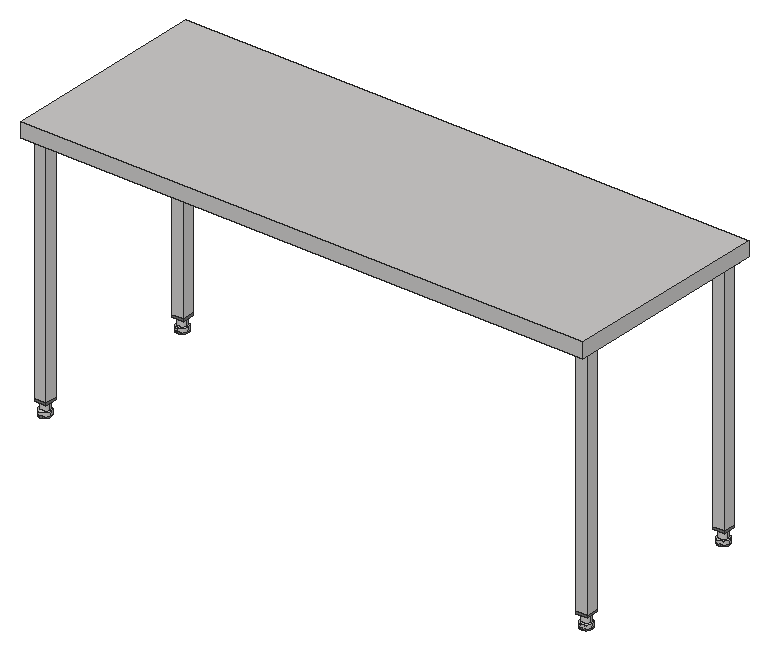
Revit family "QF_ELECTROLUXPROFESSIONAL_133223_TG1900N", category Attrezzature speciali, Revit 2020
Family settings
  Quota connettore circolare = Usa diametro
  Tipo di parte = Normale
  Basato su piano di lavoro = No
  Sempre verticale = Sì
  Taglio con vuoti quando caricato = No
  Condiviso = No
  Punto di calcolo locali = No
Parameters (values of type "Standard")
  Weight = 56.00 kg
  Watts = 0 W
  Volts = 0 V
  URL Manufacturer = "https://www.electroluxprofessional.com/"
  URL = "https://www.electroluxprofessional.com/"
  Steam Supply Size = 0 mm
  Steam Supply Minimum Pressure = 0.0 Pa
  Steam Supply Maximum Pressure = 0.0 Pa
  Steam Consumption per Hour = 0
  Refrigeration Suction Line Size = 0.0 mm
  Refrigeration Liquid Line Size = 0.0 mm
  Refrigerant Compressor Remote = yes
  Prospetto di default = 0.0 mm
  Produttore = "Electrolux Professional"
  Phase = 0
  Modello = "TG1900N"
  Length Actual = 1900.0 mm  # constant formula
  Item Number = "133223"
  Hot Water Size = 0 mm
  Height Actual = 900.0 mm  # constant formula
  HP = "0 HP"
  Gas Size = 0 mm
  Gas KW = 0
  Gas Input Pressure = 0 W
  Direct Waste Size = 0 mm
  Descrizione = "WORK TABLE 1900 MM"
  Depth Actual = 700.0 mm  # constant formula
  Cycle = 0 Hz
  Condensate Return Size = 0 mm
  Compressed Air Volume = 0.0 L/s
  Compressed Air Size = 0 mm
  Compressed Air Pressure = 0.0 Pa
  Cold Water Size = 0 mm
  Accessory = yes
Reference planes
  plane 1 "Center (Front/Back)": y = 0
  plane 2: z = 0
  plane 3 "Center (Left/Right)": x = -450
  plane 4 "LEFT": x = -1400
  plane 5 "RIGHT": x = 500
  plane 6 "BACK": y = 350
  plane 7 "FRONT": y = -350
  plane 8 "Base": z = 850
  plane 9 "TOP": z = 900
  plane 10: x = -1364.5
  plane 11: x = 464.5
  plane 12: y = 290
  plane 13: y = -290
Forms (mm)
  Extrusion 1, solid, material "QF_Finishes_Stainless Steel"
    sketch origin (-450, 0, 0) x (0, 1, 0) y (0, 0, 1)
      loop
        line (-350, 850) -> (350, 850) -> (350, 900) -> (-350, 900) -> (-350, 850)
    from 950 to -950
Lines and regions (mm)
  symbolic lines
    curve 1: line (500, 350, 900) -> (-1400, 350, 900)
    curve 2: line (-1400, 350, 900) -> (-1400, -350, 900)
    curve 3: line (-1400, -350, 900) -> (500, -350, 900)
    curve 4: line (500, -350, 900) -> (500, 350, 900)
Dimensions and locks
  plane 4 "LEFT" to plane 5 "RIGHT" = 1900.0 mm
  equal spacing: plane 4 "LEFT", plane 3 "Center (Left/Right)", plane 5 "RIGHT"
  plane 4 "LEFT" to plane 10 = 35.5 mm
  plane 11 to plane 5 "RIGHT" = 35.5 mm
  plane 10 to plane 11 = 1829.0 mm
  locked: plane 9 "TOP" to level at 900
  plane 6 "BACK" to plane 12 = 60.0 mm
  plane 13 to plane 7 "FRONT" = 60.0 mm
  plane 6 "BACK" to plane 7 "FRONT" = 700.0 mm
  plane 12 to plane 13 = 580.0 mm
  equal spacing: plane 6 "BACK", plane 1 "Center (Front/Back)", plane 7 "FRONT"
  locked: plane 8 "Base" to level at 850
  aligned and locked: level to plane 2
  aligned and locked: plane 10 to nested 1
  aligned and locked: nested 1 to plane 13
  aligned and locked: plane 11 to nested 2
  aligned and locked: nested 2 to plane 13
  aligned and locked: plane 11 to nested 4
  aligned and locked: nested 4 to plane 12
  aligned and locked: plane 10 to nested 3
  aligned and locked: nested 3 to plane 12
  aligned and locked: Extrusion 1 to plane 4 "LEFT"
  aligned and locked: plane 5 "RIGHT" to Extrusion 1
  aligned and locked: curve 2 to plane 4 "LEFT"
Automatic sketch dimensions
  Extrusion 1 sketch curve to plane 7 "FRONT" = 0.0 mm
  Extrusion 1 sketch curve to plane 8 "Base" = 0.0 mm
  curve 3 to plane 7 "FRONT" = 0.0 mm
  curve 4 to plane 6 "BACK" = 0.0 mm
  Extrusion 1 sketch curve to plane 9 "TOP" = 0.0 mm
  Extrusion 1 sketch curve to plane 6 "BACK" = 0.0 mm
  curve 4 to plane 5 "RIGHT" = 0.0 mm
Nested families
  nested 1: "FEET_40x40_APP42" at (-1364.5, -290, 0), type "FEET_40x40_APP42"
  nested 2: "FEET_40x40_APP42" at (464.5, -290, 0), type "FEET_40x40_APP42"
  nested 3: "FEET_40x40_APP42" at (-1364.5, 290, 0), type "FEET_40x40_APP42"
  nested 4: "FEET_40x40_APP42" at (464.5, 290, 0), type "FEET_40x40_APP42"
Definition of nested family "FEET_40x40_APP42"
  Parameters
    Default Elevation = 0.0 mm
    FEET = 850.0 mm
  Reference planes
    plane 1 "Center (Front/Back)": y = 0
    plane 2: z = 0
    plane 3 "Center (Left/Right)": x = 0
    plane 4: z = 850
  Forms (mm)
    Extrusion 1, solid
      sketch origin (0, 0, 0) x (1, 0, 0) y (0, 1, 0)
        loop
          line (-20, -20) -> (20, -20) -> (20, 20) -> (-20, 20) -> (-20, -20)
      from 50 to 845
    Extrusion 2, solid
      sketch origin (0, 0, 0) x (1, 0, 0) y (0, 1, 0)
        loop
          circle (0, 0) r 20
      from 0 to 5
    Extrusion 3, solid
      sketch origin (0, 0, 0) x (1, 0, 0) y (0, 1, 0)
        loop
          line (30, 30) -> (-30, 30) -> (-30, -30) -> (30, -30) -> (30, 30)
      from 845 to 850
    Extrusion 4, solid
      sketch origin (0, 0, 0) x (1, 0, 0) y (0, 1, 0)
        loop
          line (-20, -20) -> (20, -20) -> (20, 20) -> (-20, 20) -> (-20, -20)
      from 50 to 42
    Revolve 5, solid
      sketch origin (0, 0, 0) x (1, 0, 0) y (0, 0, 1)
        loop
          line (0, 42) -> (-15, 42) -> (-15, 20) -> (-20, 15) -> (-20, 5) -> (0, 5) -> (0, 42)
        axis (0, 42) -> (0, 5)
      angle from 0 to 360
  Lines and regions (mm)
    symbolic lines
      curve 1: line (0, -1.503, 0) -> (0, 1.508, 0)
      curve 2: line (1.561, 0, 0) -> (-1.439, 0, 0)
  Dimensions and locks
    "FEET": plane 4 to plane 2
    aligned and locked: level to plane 2
  Automatic sketch dimensions
    plane 1 "Center (Front/Back)" to curve 2 = 0.0 mm
    curve 1 to plane 3 "Center (Left/Right)" = 0.0 mm
    curve 2 to plane 3 "Center (Left/Right)" = 1.439 mm
    plane 3 "Center (Left/Right)" to curve 2 = 1.561 mm
    plane 1 "Center (Front/Back)" to curve 1 = 1.503 mm
    curve 1 to plane 1 "Center (Front/Back)" = 1.508 mm
    Extrusion 1 sketch curve to plane 3 "Center (Left/Right)" = 20.0 mm
    plane 3 "Center (Left/Right)" to Extrusion 1 sketch curve = 20.0 mm
    plane 1 "Center (Front/Back)" to Extrusion 1 sketch curve = 20.0 mm
    Extrusion 1 sketch curve to plane 1 "Center (Front/Back)" = 20.0 mm
    plane 1 "Center (Front/Back)" to Extrusion 2 sketch curve = 0.0 mm
    Extrusion 2 sketch curve to plane 3 "Center (Left/Right)" = 0.0 mm
    Extrusion 3 sketch curve to plane 3 "Center (Left/Right)" = 30.0 mm
    plane 3 "Center (Left/Right)" to Extrusion 3 sketch curve = 30.0 mm
    plane 1 "Center (Front/Back)" to Extrusion 3 sketch curve = 30.0 mm
    Extrusion 3 sketch curve to plane 1 "Center (Front/Back)" = 30.0 mm
    Extrusion 4 sketch curve to plane 3 "Center (Left/Right)" = 20.0 mm
    plane 3 "Center (Left/Right)" to Extrusion 4 sketch curve = 20.0 mm
    plane 1 "Center (Front/Back)" to Extrusion 4 sketch curve = 20.0 mm
    Extrusion 4 sketch curve to plane 1 "Center (Front/Back)" = 20.0 mm
    Revolve 5 sketch curve to plane 3 "Center (Left/Right)" = 0.0 mm  (x2)
    Revolve 5 sketch curve to plane 3 "Center (Left/Right)" = 15.0 mm
    Revolve 5 sketch curve to Revolve 5 sketch curve = 5.0 mm  (x3)
    level to Revolve 5 sketch curve = 5.0 mm
    Revolve 5 sketch curve to Revolve 5 sketch curve = 10.0 mm
    Revolve 5 sketch curve to Revolve 5 sketch curve = 22.0 mm
    Revolve 5 sketch curve to level = 9.561 mm
    radius of Extrusion 2 sketch curve = 20.0 mm
